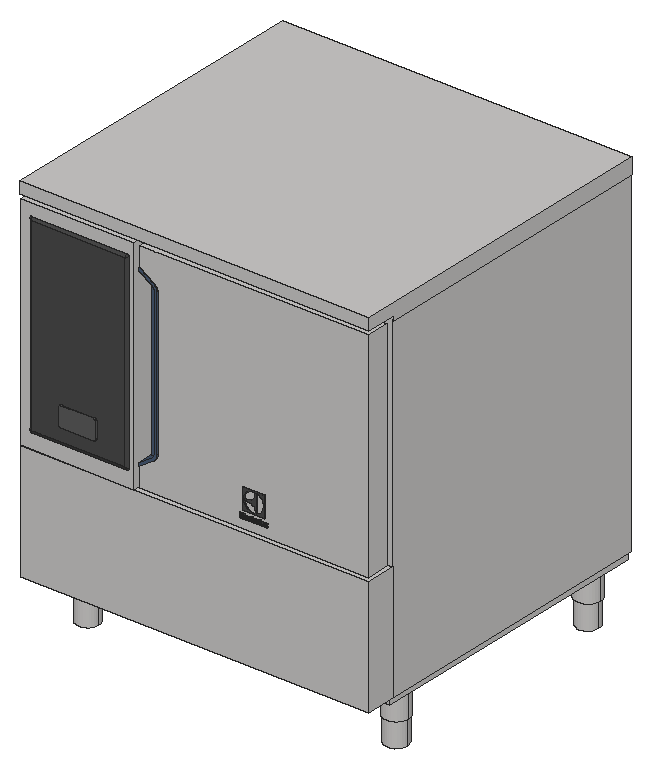
Revit family "QF_ELECTROLUXPROFESSIONAL_727730_EBFA61TE", category Specialty Equipment, Revit 2018 (continued)
Automatic sketch dimensions
  Split face 46 sketch curve to Split face 46 sketch curve = 110.015 mm
  Split face 46 sketch curve to Split face 46 sketch curve = 5.027 mm
  Split face 47 sketch curve to Extrusion 9 = 81.175 mm
  Split face 47 sketch curve to Extrusion 9 = 377.596 mm
  Split face 47 sketch curve to Split face 47 sketch curve = 110.015 mm
  Split face 47 sketch curve to Split face 47 sketch curve = 5.027 mm
  Split face 48 sketch curve to Extrusion 9 = 71.703 mm
  Split face 48 sketch curve to Extrusion 9 = 377.596 mm
  Split face 48 sketch curve to Split face 48 sketch curve = 110.015 mm
  Split face 48 sketch curve to Split face 48 sketch curve = 5.027 mm
  Split face 49 sketch curve to Extrusion 9 = 62.231 mm
  Split face 49 sketch curve to Extrusion 9 = 377.596 mm
  Split face 49 sketch curve to Split face 49 sketch curve = 110.015 mm
  Split face 49 sketch curve to Split face 49 sketch curve = 5.027 mm
  Split face 50 sketch curve to Extrusion 9 = 52.758 mm
  Split face 50 sketch curve to Extrusion 9 = 377.596 mm
  Split face 50 sketch curve to Extrusion 9 = 47.731 mm
  Split face 50 sketch curve to Split face 50 sketch curve = 110.015 mm
  Split face 51 sketch curve to Extrusion 9 = 43.286 mm
  Split face 51 sketch curve to Extrusion 9 = 377.596 mm
  Split face 51 sketch curve to Extrusion 9 = 38.259 mm
  Split face 51 sketch curve to Split face 51 sketch curve = 110.015 mm
  Split face 52 sketch curve to Extrusion 9 = 33.814 mm
  Split face 52 sketch curve to Extrusion 9 = 377.596 mm
  Split face 52 sketch curve to Extrusion 9 = 28.787 mm
  Split face 52 sketch curve to Split face 52 sketch curve = 110.015 mm
  Split face 53 sketch curve to Extrusion 9 = 31.361 mm
  Split face 53 sketch curve to Extrusion 9 = 262.581 mm
  Split face 53 sketch curve to Extrusion 9 = 36.388 mm
  Split face 53 sketch curve to Split face 53 sketch curve = 110.015 mm
  Split face 54 sketch curve to Extrusion 9 = 40.833 mm
  Split face 54 sketch curve to Extrusion 9 = 262.581 mm
  Split face 54 sketch curve to Extrusion 9 = 45.86 mm
  Split face 54 sketch curve to Split face 54 sketch curve = 110.015 mm
  Split face 55 sketch curve to Extrusion 9 = 50.305 mm
  Split face 55 sketch curve to Extrusion 9 = 262.581 mm
  Split face 55 sketch curve to Split face 55 sketch curve = 110.015 mm
  Split face 55 sketch curve to Split face 55 sketch curve = 5.027 mm
  Split face 56 sketch curve to Extrusion 9 = 59.777 mm
  Split face 56 sketch curve to Extrusion 9 = 262.581 mm
  Split face 56 sketch curve to Split face 56 sketch curve = 110.015 mm
  Split face 56 sketch curve to Split face 56 sketch curve = 5.027 mm
  Split face 57 sketch curve to Extrusion 9 = 69.25 mm
  Split face 57 sketch curve to Extrusion 9 = 262.581 mm
  Split face 57 sketch curve to Split face 57 sketch curve = 110.015 mm
  Split face 57 sketch curve to Split face 57 sketch curve = 5.027 mm
  Split face 58 sketch curve to Extrusion 9 = 78.722 mm
  Split face 58 sketch curve to Extrusion 9 = 262.581 mm
  Split face 58 sketch curve to Split face 58 sketch curve = 110.015 mm
  Split face 58 sketch curve to Split face 58 sketch curve = 5.027 mm
  Split face 59 sketch curve to Extrusion 9 = 88.194 mm
  Split face 59 sketch curve to Extrusion 9 = 262.581 mm
  Split face 59 sketch curve to Split face 59 sketch curve = 110.015 mm
  Split face 59 sketch curve to Split face 59 sketch curve = 5.027 mm
  Split face 60 sketch curve to Extrusion 9 = 97.666 mm
  Split face 60 sketch curve to Extrusion 9 = 262.581 mm
  Split face 60 sketch curve to Split face 60 sketch curve = 110.015 mm
  Split face 60 sketch curve to Split face 60 sketch curve = 5.027 mm
  Split face 61 sketch curve to Extrusion 9 = 107.138 mm
  Split face 61 sketch curve to Extrusion 9 = 262.581 mm
  Split face 61 sketch curve to Split face 61 sketch curve = 110.015 mm
  Split face 61 sketch curve to Split face 61 sketch curve = 5.027 mm
  Split face 62 sketch curve to Extrusion 9 = 116.611 mm
  Split face 62 sketch curve to Extrusion 9 = 262.581 mm
  Split face 62 sketch curve to Split face 62 sketch curve = 110.015 mm
  Split face 62 sketch curve to Split face 62 sketch curve = 5.027 mm
  Split face 63 sketch curve to Extrusion 9 = 126.083 mm
  Split face 63 sketch curve to Extrusion 9 = 262.581 mm
  Split face 63 sketch curve to Split face 63 sketch curve = 110.015 mm
  Split face 63 sketch curve to Split face 63 sketch curve = 5.027 mm
  Split face 64 sketch curve to Extrusion 9 = 262.581 mm
  Split face 64 sketch curve to Split face 64 sketch curve = 110.015 mm
  Split face 64 sketch curve to Extrusion 9 = 135.555 mm
  Split face 64 sketch curve to Split face 64 sketch curve = 5.027 mm
  Split face 65 sketch curve to Extrusion 9 = 262.581 mm
  Split face 65 sketch curve to Split face 65 sketch curve = 110.015 mm
  Split face 65 sketch curve to Extrusion 9 = 145.027 mm
  Split face 65 sketch curve to Split face 65 sketch curve = 5.027 mm
  Split face 66 sketch curve to Extrusion 9 = 262.581 mm
  Split face 66 sketch curve to Split face 66 sketch curve = 110.015 mm
  Split face 66 sketch curve to Extrusion 9 = 147.48 mm
  Split face 66 sketch curve to Split face 66 sketch curve = 5.027 mm
  Split face 67 sketch curve to Extrusion 9 = 262.581 mm
  Split face 67 sketch curve to Split face 67 sketch curve = 110.015 mm
  Split face 67 sketch curve to Extrusion 9 = 138.008 mm
  Split face 67 sketch curve to Split face 67 sketch curve = 5.027 mm
  Split face 68 sketch curve to Extrusion 9 = 128.536 mm
  Split face 68 sketch curve to Extrusion 9 = 262.581 mm
  Split face 68 sketch curve to Split face 68 sketch curve = 110.015 mm
  Split face 68 sketch curve to Split face 68 sketch curve = 5.027 mm
  Split face 69 sketch curve to Extrusion 9 = 119.064 mm
  Split face 69 sketch curve to Extrusion 9 = 262.581 mm
  Split face 69 sketch curve to Split face 69 sketch curve = 110.015 mm
  Split face 69 sketch curve to Split face 69 sketch curve = 5.027 mm
  Split face 70 sketch curve to Extrusion 9 = 109.592 mm
  Split face 70 sketch curve to Extrusion 9 = 262.581 mm
  Split face 70 sketch curve to Split face 70 sketch curve = 110.015 mm
  Split face 70 sketch curve to Split face 70 sketch curve = 5.027 mm
  Split face 71 sketch curve to Extrusion 9 = 100.119 mm
  Split face 71 sketch curve to Extrusion 9 = 262.581 mm
  Split face 71 sketch curve to Split face 71 sketch curve = 110.015 mm
  Split face 71 sketch curve to Split face 71 sketch curve = 5.027 mm
  Split face 72 sketch curve to Extrusion 9 = 90.647 mm
  Split face 72 sketch curve to Extrusion 9 = 262.581 mm
  Split face 72 sketch curve to Split face 72 sketch curve = 110.015 mm
  Split face 72 sketch curve to Split face 72 sketch curve = 5.027 mm
  Split face 73 sketch curve to Extrusion 9 = 81.175 mm
  Split face 73 sketch curve to Extrusion 9 = 262.581 mm
  Split face 73 sketch curve to Split face 73 sketch curve = 110.015 mm
  Split face 73 sketch curve to Split face 73 sketch curve = 5.027 mm
  Split face 74 sketch curve to Extrusion 9 = 71.703 mm
  Split face 74 sketch curve to Extrusion 9 = 262.581 mm
  Split face 74 sketch curve to Split face 74 sketch curve = 110.015 mm
  Split face 74 sketch curve to Split face 74 sketch curve = 5.027 mm
  Split face 75 sketch curve to Extrusion 9 = 62.231 mm
  Split face 75 sketch curve to Extrusion 9 = 262.581 mm
  Split face 75 sketch curve to Split face 75 sketch curve = 110.015 mm
  Split face 75 sketch curve to Split face 75 sketch curve = 5.027 mm
  Split face 76 sketch curve to Extrusion 9 = 52.758 mm
  Split face 76 sketch curve to Extrusion 9 = 262.581 mm
  Split face 76 sketch curve to Extrusion 9 = 47.731 mm
  Split face 76 sketch curve to Split face 76 sketch curve = 110.015 mm
  Split face 77 sketch curve to Extrusion 9 = 43.286 mm
  Split face 77 sketch curve to Extrusion 9 = 262.581 mm
  Split face 77 sketch curve to Extrusion 9 = 38.259 mm
  Split face 77 sketch curve to Split face 77 sketch curve = 110.015 mm
  Split face 78 sketch curve to Extrusion 9 = 33.814 mm
  Split face 78 sketch curve to Extrusion 9 = 262.581 mm
  Split face 78 sketch curve to Extrusion 9 = 28.787 mm
  Split face 78 sketch curve to Split face 78 sketch curve = 110.015 mm
  Split face 79 sketch curve to Extrusion 9 = 31.361 mm
  Split face 79 sketch curve to Extrusion 9 = 147.565 mm
  Split face 79 sketch curve to Extrusion 9 = 36.388 mm
  Split face 79 sketch curve to Split face 79 sketch curve = 110.015 mm
  Split face 80 sketch curve to Extrusion 9 = 40.833 mm
  Split face 80 sketch curve to Extrusion 9 = 147.565 mm
  Split face 80 sketch curve to Extrusion 9 = 45.86 mm
  Split face 80 sketch curve to Split face 80 sketch curve = 110.015 mm
  Split face 81 sketch curve to Extrusion 9 = 50.305 mm
  Split face 81 sketch curve to Extrusion 9 = 147.565 mm
  Split face 81 sketch curve to Split face 81 sketch curve = 110.015 mm
  Split face 81 sketch curve to Split face 81 sketch curve = 5.027 mm
  Split face 82 sketch curve to Extrusion 9 = 59.777 mm
  Split face 82 sketch curve to Extrusion 9 = 147.565 mm
  Split face 82 sketch curve to Split face 82 sketch curve = 110.015 mm
  Split face 82 sketch curve to Split face 82 sketch curve = 5.027 mm
  Split face 83 sketch curve to Extrusion 9 = 69.25 mm
  Split face 83 sketch curve to Extrusion 9 = 147.565 mm
  Split face 83 sketch curve to Split face 83 sketch curve = 110.015 mm
  Split face 83 sketch curve to Split face 83 sketch curve = 5.027 mm
  Split face 84 sketch curve to Extrusion 9 = 147.565 mm
  Split face 84 sketch curve to Split face 84 sketch curve = 110.015 mm
  Split face 84 sketch curve to Extrusion 9 = 78.722 mm
  Split face 84 sketch curve to Split face 84 sketch curve = 5.027 mm
  Split face 85 sketch curve to Extrusion 9 = 147.565 mm
  Split face 85 sketch curve to Split face 85 sketch curve = 110.015 mm
  Split face 85 sketch curve to Extrusion 9 = 88.194 mm
  Split face 85 sketch curve to Split face 85 sketch curve = 5.027 mm
  Split face 86 sketch curve to Extrusion 9 = 147.565 mm
  Split face 86 sketch curve to Split face 86 sketch curve = 110.015 mm
  Split face 86 sketch curve to Extrusion 9 = 97.666 mm
  Split face 86 sketch curve to Split face 86 sketch curve = 5.027 mm
  Split face 87 sketch curve to Extrusion 9 = 147.565 mm
  Split face 87 sketch curve to Split face 87 sketch curve = 110.015 mm
  Split face 87 sketch curve to Extrusion 9 = 107.138 mm
  Split face 87 sketch curve to Split face 87 sketch curve = 5.027 mm
  Split face 88 sketch curve to Extrusion 9 = 147.565 mm
  Split face 88 sketch curve to Split face 88 sketch curve = 110.015 mm
  Split face 88 sketch curve to Extrusion 9 = 116.611 mm
  Split face 88 sketch curve to Split face 88 sketch curve = 5.027 mm
  Split face 89 sketch curve to Extrusion 9 = 147.565 mm
  Split face 89 sketch curve to Split face 89 sketch curve = 110.015 mm
  Split face 89 sketch curve to Extrusion 9 = 126.083 mm
  Split face 89 sketch curve to Split face 89 sketch curve = 5.027 mm
  Split face 90 sketch curve to Extrusion 9 = 147.565 mm
  Split face 90 sketch curve to Split face 90 sketch curve = 110.015 mm
  Split face 90 sketch curve to Extrusion 9 = 135.555 mm
  Split face 90 sketch curve to Split face 90 sketch curve = 5.027 mm
  Split face 91 sketch curve to Extrusion 9 = 147.565 mm
  Split face 91 sketch curve to Split face 91 sketch curve = 110.015 mm
  Split face 91 sketch curve to Extrusion 9 = 145.027 mm
  Split face 91 sketch curve to Split face 91 sketch curve = 5.027 mm
  Split face 92 sketch curve to Extrusion 9 = 147.565 mm
  Split face 92 sketch curve to Split face 92 sketch curve = 110.015 mm
  Split face 92 sketch curve to Extrusion 9 = 147.48 mm
  Split face 92 sketch curve to Split face 92 sketch curve = 5.027 mm
  Split face 93 sketch curve to Extrusion 9 = 147.565 mm
  Split face 93 sketch curve to Split face 93 sketch curve = 110.015 mm
  Split face 93 sketch curve to Extrusion 9 = 138.008 mm
  Split face 93 sketch curve to Split face 93 sketch curve = 5.027 mm
  Split face 94 sketch curve to Extrusion 9 = 147.565 mm
  Split face 94 sketch curve to Split face 94 sketch curve = 110.015 mm
  Split face 94 sketch curve to Extrusion 9 = 128.536 mm
  Split face 94 sketch curve to Split face 94 sketch curve = 5.027 mm
  Split face 95 sketch curve to Extrusion 9 = 147.565 mm
  Split face 95 sketch curve to Split face 95 sketch curve = 110.015 mm
  Split face 95 sketch curve to Extrusion 9 = 119.064 mm
  Split face 95 sketch curve to Split face 95 sketch curve = 5.027 mm
  Split face 96 sketch curve to Extrusion 9 = 147.565 mm
  Split face 96 sketch curve to Split face 96 sketch curve = 110.015 mm
  Split face 96 sketch curve to Extrusion 9 = 109.592 mm
  Split face 96 sketch curve to Split face 96 sketch curve = 5.027 mm
  Split face 97 sketch curve to Extrusion 9 = 147.565 mm
  Split face 97 sketch curve to Split face 97 sketch curve = 110.015 mm
  Split face 97 sketch curve to Extrusion 9 = 100.119 mm
  Split face 97 sketch curve to Split face 97 sketch curve = 5.027 mm
  Split face 98 sketch curve to Extrusion 9 = 147.565 mm
  Split face 98 sketch curve to Split face 98 sketch curve = 110.015 mm
  Split face 98 sketch curve to Extrusion 9 = 90.647 mm
  Split face 98 sketch curve to Split face 98 sketch curve = 5.027 mm
  Split face 99 sketch curve to Extrusion 9 = 147.565 mm
  Split face 99 sketch curve to Split face 99 sketch curve = 110.015 mm
  Split face 99 sketch curve to Extrusion 9 = 81.175 mm
  Split face 99 sketch curve to Split face 99 sketch curve = 5.027 mm
  Split face 100 sketch curve to Extrusion 9 = 71.703 mm
  Split face 100 sketch curve to Extrusion 9 = 147.565 mm
  Split face 100 sketch curve to Split face 100 sketch curve = 110.015 mm
  Split face 100 sketch curve to Split face 100 sketch curve = 5.027 mm
  Split face 101 sketch curve to Extrusion 9 = 62.231 mm
  Split face 101 sketch curve to Extrusion 9 = 147.565 mm
  Split face 101 sketch curve to Split face 101 sketch curve = 110.015 mm
  Split face 101 sketch curve to Split face 101 sketch curve = 5.027 mm
  Split face 102 sketch curve to Extrusion 9 = 52.758 mm
  Split face 102 sketch curve to Extrusion 9 = 147.565 mm
  Split face 102 sketch curve to Extrusion 9 = 47.731 mm
  Split face 102 sketch curve to Split face 102 sketch curve = 110.015 mm
  Split face 103 sketch curve to Extrusion 9 = 43.286 mm
  Split face 103 sketch curve to Extrusion 9 = 147.565 mm
  Split face 103 sketch curve to Extrusion 9 = 38.259 mm
  Split face 103 sketch curve to Split face 103 sketch curve = 110.015 mm
  Split face 104 sketch curve to Extrusion 9 = 33.814 mm
  Split face 104 sketch curve to Extrusion 9 = 147.565 mm
  Split face 104 sketch curve to Extrusion 9 = 28.787 mm
  Split face 104 sketch curve to Split face 104 sketch curve = 110.015 mm
  Split face 105 sketch curve to Extrusion 9 = 32.55 mm
  Split face 105 sketch curve to Extrusion 9 = 36.388 mm
  Split face 105 sketch curve to Split face 105 sketch curve = 110.015 mm
  Split face 105 sketch curve to Split face 105 sketch curve = 5.027 mm
  Split face 106 sketch curve to Extrusion 9 = 32.55 mm
  Split face 106 sketch curve to Extrusion 9 = 45.86 mm
  Split face 106 sketch curve to Split face 106 sketch curve = 110.015 mm
  Split face 106 sketch curve to Split face 106 sketch curve = 5.027 mm
  Split face 107 sketch curve to Extrusion 9 = 32.55 mm
  Split face 107 sketch curve to Split face 107 sketch curve = 110.015 mm
  Split face 107 sketch curve to Extrusion 9 = 50.305 mm
  Split face 107 sketch curve to Split face 107 sketch curve = 5.027 mm
  Split face 108 sketch curve to Extrusion 9 = 32.55 mm
  Split face 108 sketch curve to Split face 108 sketch curve = 110.015 mm
  Split face 108 sketch curve to Extrusion 9 = 59.777 mm
  Split face 108 sketch curve to Split face 108 sketch curve = 5.027 mm
  Split face 109 sketch curve to Extrusion 9 = 32.55 mm
  Split face 109 sketch curve to Split face 109 sketch curve = 110.015 mm
  Split face 109 sketch curve to Extrusion 9 = 69.25 mm
  Split face 109 sketch curve to Split face 109 sketch curve = 5.027 mm
  Split face 110 sketch curve to Extrusion 9 = 32.55 mm
  Split face 110 sketch curve to Split face 110 sketch curve = 110.015 mm
  Split face 110 sketch curve to Extrusion 9 = 78.722 mm
  Split face 110 sketch curve to Split face 110 sketch curve = 5.027 mm
  Split face 111 sketch curve to Extrusion 9 = 32.55 mm
  Split face 111 sketch curve to Split face 111 sketch curve = 110.015 mm
  Split face 111 sketch curve to Extrusion 9 = 88.194 mm
  Split face 111 sketch curve to Split face 111 sketch curve = 5.027 mm
  Split face 112 sketch curve to Extrusion 9 = 32.55 mm
  Split face 112 sketch curve to Split face 112 sketch curve = 110.015 mm
  Split face 112 sketch curve to Extrusion 9 = 97.666 mm
  Split face 112 sketch curve to Split face 112 sketch curve = 5.027 mm
  Split face 113 sketch curve to Extrusion 9 = 32.55 mm
  Split face 113 sketch curve to Split face 113 sketch curve = 110.015 mm
  Split face 113 sketch curve to Extrusion 9 = 107.138 mm
  Split face 113 sketch curve to Split face 113 sketch curve = 5.027 mm
  Split face 114 sketch curve to Extrusion 9 = 32.55 mm
  Split face 114 sketch curve to Split face 114 sketch curve = 110.015 mm
  Split face 114 sketch curve to Extrusion 9 = 116.611 mm
  Split face 114 sketch curve to Split face 114 sketch curve = 5.027 mm
  Split face 115 sketch curve to Extrusion 9 = 32.55 mm
  Split face 115 sketch curve to Split face 115 sketch curve = 110.015 mm
  Split face 115 sketch curve to Extrusion 9 = 126.083 mm
  Split face 115 sketch curve to Split face 115 sketch curve = 5.027 mm
  Split face 116 sketch curve to Extrusion 9 = 32.55 mm
  Split face 116 sketch curve to Split face 116 sketch curve = 110.015 mm
  Split face 116 sketch curve to Extrusion 9 = 135.555 mm
  Split face 116 sketch curve to Split face 116 sketch curve = 5.027 mm
  Split face 117 sketch curve to Extrusion 9 = 32.55 mm
  Split face 117 sketch curve to Split face 117 sketch curve = 110.015 mm
  Split face 117 sketch curve to Extrusion 9 = 145.027 mm
  Split face 117 sketch curve to Split face 117 sketch curve = 5.027 mm
  Split face 118 sketch curve to Extrusion 9 = 32.55 mm
  Split face 118 sketch curve to Split face 118 sketch curve = 110.015 mm
  Split face 118 sketch curve to Extrusion 9 = 147.48 mm
  Split face 118 sketch curve to Split face 118 sketch curve = 5.027 mm
  Split face 119 sketch curve to Extrusion 9 = 32.55 mm
  Split face 119 sketch curve to Split face 119 sketch curve = 110.015 mm
  Split face 119 sketch curve to Extrusion 9 = 138.008 mm
  Split face 119 sketch curve to Split face 119 sketch curve = 5.027 mm
  Split face 120 sketch curve to Extrusion 9 = 32.55 mm
  Split face 120 sketch curve to Split face 120 sketch curve = 110.015 mm
  Split face 120 sketch curve to Extrusion 9 = 128.536 mm
  Split face 120 sketch curve to Split face 120 sketch curve = 5.027 mm
  Split face 121 sketch curve to Extrusion 9 = 32.55 mm
  Split face 121 sketch curve to Split face 121 sketch curve = 110.015 mm
  Split face 121 sketch curve to Extrusion 9 = 119.064 mm
  Split face 121 sketch curve to Split face 121 sketch curve = 5.027 mm
  Split face 122 sketch curve to Extrusion 9 = 32.55 mm
  Split face 122 sketch curve to Split face 122 sketch curve = 110.015 mm
  Split face 122 sketch curve to Extrusion 9 = 109.592 mm
  Split face 122 sketch curve to Split face 122 sketch curve = 5.027 mm
  Split face 123 sketch curve to Extrusion 9 = 32.55 mm
  Split face 123 sketch curve to Split face 123 sketch curve = 110.015 mm
  Split face 123 sketch curve to Extrusion 9 = 100.119 mm
  Split face 123 sketch curve to Split face 123 sketch curve = 5.027 mm
  Split face 124 sketch curve to Extrusion 9 = 32.55 mm
  Split face 124 sketch curve to Split face 124 sketch curve = 110.015 mm
  Split face 124 sketch curve to Extrusion 9 = 90.647 mm
  Split face 124 sketch curve to Split face 124 sketch curve = 5.027 mm
  Split face 125 sketch curve to Extrusion 9 = 32.55 mm
  Split face 125 sketch curve to Split face 125 sketch curve = 110.015 mm
  Split face 125 sketch curve to Extrusion 9 = 81.175 mm
  Split face 125 sketch curve to Split face 125 sketch curve = 5.027 mm
  Split face 126 sketch curve to Extrusion 9 = 32.55 mm
  Split face 126 sketch curve to Split face 126 sketch curve = 110.015 mm
  Split face 126 sketch curve to Extrusion 9 = 71.703 mm
  Split face 126 sketch curve to Split face 126 sketch curve = 5.027 mm
  Split face 127 sketch curve to Extrusion 9 = 32.55 mm
  Split face 127 sketch curve to Split face 127 sketch curve = 110.015 mm
  Split face 127 sketch curve to Extrusion 9 = 62.231 mm
  Split face 127 sketch curve to Split face 127 sketch curve = 5.027 mm
  Split face 128 sketch curve to Extrusion 9 = 32.55 mm
  Split face 128 sketch curve to Extrusion 9 = 47.731 mm
  Split face 128 sketch curve to Split face 128 sketch curve = 110.015 mm
  Split face 128 sketch curve to Split face 128 sketch curve = 5.027 mm
  Split face 129 sketch curve to Extrusion 9 = 32.55 mm
  Split face 129 sketch curve to Extrusion 9 = 38.259 mm
  Split face 129 sketch curve to Split face 129 sketch curve = 110.015 mm
  Split face 129 sketch curve to Split face 129 sketch curve = 5.027 mm
  Split face 130 sketch curve to Extrusion 9 = 32.55 mm
  Split face 130 sketch curve to Extrusion 9 = 28.787 mm
  Split face 130 sketch curve to Split face 130 sketch curve = 110.015 mm
  Split face 130 sketch curve to Split face 130 sketch curve = 5.027 mm
  Extrusion 13 sketch curve to plane 5 "BACK" = 0 mm  (x2)
  Extrusion 13 sketch curve to plane 15 = 0 mm  (x2)
  Extrusion 13 sketch curve to plane 3 "Center Y" = 141.58 mm
  Extrusion 13 sketch curve to Extrusion 13 sketch curve = 1.631 mm  (x2)
  Extrusion 13 sketch curve to Extrusion 13 sketch curve = 9.723 mm
  plane 10 to Extrusion 13 sketch curve = 80.967 mm
  plane 10 to Extrusion 13 sketch curve = 72.875 mm
  Extrusion 14 sketch curve to plane 14 = 0.005 mm
  plane 7 "FRONT" to Extrusion 14 sketch curve = 0 mm
  plane 16 to Extrusion 14 sketch curve = 47.24 mm
  Extrusion 14 sketch curve to Extrusion 14 sketch curve = 8.487 mm
  Extrusion 14 sketch curve to Extrusion 14 sketch curve = 8.95 mm
  Extrusion 14 sketch curve to Extrusion 14 sketch curve = 10.513 mm
  Extrusion 14 sketch curve to Extrusion 14 sketch curve = 20 mm
  Extrusion 14 sketch curve to Extrusion 14 sketch curve = 35.79 mm
  Extrusion 14 sketch curve to Extrusion 14 sketch curve = 36.253 mm
  Extrusion 14 sketch curve to Extrusion 14 sketch curve = 51.135 mm
  Extrusion 14 sketch curve to Extrusion 14 sketch curve = 24.082 mm
  Extrusion 14 sketch curve to Extrusion 14 sketch curve = 374.913 mm
  Extrusion 14 sketch curve to Extrusion 14 sketch curve = 23.723 mm
  plane 8 to Extrusion 14 sketch curve = 332.497 mm
  Extrusion 15 sketch curve to Extrusion 14 = 0 mm  (x6)
  Extrusion 14 to Extrusion 15 sketch curve = 0 mm  (x2)
  Extrusion 14 to Extrusion 15 sketch curve = 8.487 mm
  Extrusion 14 to Extrusion 15 sketch curve = 8.95 mm
  Extrusion 15 sketch curve to Extrusion 15 sketch curve = 11.05 mm
  Extrusion 16 sketch curve to Extrusion 16 sketch curve = 0 mm  (x2)
  Extrusion 16 sketch curve to Extrusion 14 = 0 mm  (x5)
  Extrusion 14 to Extrusion 16 sketch curve = 2.5 mm  (x2)
  Extrusion 16 sketch curve to Extrusion 16 sketch curve = 13.5 mm
  Extrusion 14 to Extrusion 16 sketch curve = 12.541 mm
  Extrusion 16 sketch curve to Extrusion 16 sketch curve = 5.583 mm
  Extrusion 16 sketch curve to Extrusion 16 sketch curve = 3.591 mm
  Extrusion 16 sketch curve to Extrusion 16 sketch curve = 3.597 mm
  Extrusion 16 sketch curve to Extrusion 16 sketch curve = 6.141 mm
  Extrusion 16 sketch curve to Extrusion 16 sketch curve = 6.143 mm
  Extrusion 17 sketch curve to plane 7 "FRONT" = 0 mm
  plane 16 to Extrusion 17 sketch curve = 2.5 mm
  Extrusion 17 sketch curve to plane 12 = 2 mm
  Extrusion 17 sketch curve to plane 6 "RIGHT" = 21.029 mm
  plane 7 "FRONT" to Extrusion 17 sketch curve = 16.966 mm
  curve 15 to plane 7 "FRONT" = 0 mm
  curve 3 to plane 6 "RIGHT" = 0 mm
  curve 17 to plane 7 "FRONT" = 0 mm
  curve 10 to plane 5 "BACK" = 0 mm
  curve 10 to plane 15 = 0 mm
  curve 2 to plane 4 "LEFT" = 0 mm
  plane 16 to curve 15 = 2.5 mm
  plane 6 "RIGHT" to curve 15 = 6 mm
  curve 14 to plane 6 "RIGHT" = 21.029 mm
  curve 16 to plane 12 = 2 mm
  curve 10 to plane 3 "Center Y" = 151.303 mm
  curve 6 to plane 7 "FRONT" = 5 mm
  curve 6 to plane 3 "Center Y" = 176 mm
  plane 10 to curve 8 = 80.967 mm
  plane 10 to curve 12 = 22.5 mm
  plane 10 to curve 13 = 1.5 mm
  curve 5 to plane 10 = 17.5 mm
  curve 13 to curve 13 = 29 mm
  plane 7 "FRONT" to curve 14 = 16.966 mm
  curve 10 to curve 9 = 8.092 mm
  curve 6 to curve 5 = 8 mm
  curve 8 to curve 12 = 50.375 mm
  curve 5 to curve 7 = 8 mm
  radius of Extrusion 5 sketch curve = 10.5 mm
  radius of Extrusion 6 sketch curve to Extrusion 2 = 0 mm
  radius of Extrusion 7 sketch curve to Extrusion 2 = 0 mm
  radius of Extrusion 7 sketch curve to Extrusion 2 = 6.5 mm
  radius of Extrusion 12 sketch curve = 9.5 mm
  radius of Extrusion 15 sketch curve to Extrusion 14 = 0 mm
  radius of Extrusion 16 sketch curve to Extrusion 14 = 0 mm
  radius of Extrusion 16 sketch curve to Extrusion 14 = 6.5 mm
Nested families
  nested 1: "Foot_Complete" at (-708, -142.149, 0), type "Foot_Complete"
    with H 130 mm
  nested 2: "Foot_Complete" at (85, -142.149, 0), type "Foot_Complete"
    with H 130 mm
  nested 3: "Foot_Complete" at (85, 473.851, 0), type "Foot_Complete"
    with H 130 mm
  nested 4: "Foot_Complete" at (-708, 473.851, 0), type "Foot_Complete"
    with H 130 mm
  nested 5: "ELX_Logo_S_New" at (-157.603, -295.149, 492.497) x (1, 0, 0) z (0, -1, 0), visible <- "Show Logo", type "ELX_Logo_S_New"
    with M QF_Finishes_Black
  nested 6: "ELX_Logo_Symbol" at (-157.603, -295.149, 532.497) x (-1, 0, 0) z (0, -1, 0), visible <- "Show Logo", type "ELX_Logo_Symbol"
    with M QF_Finishes_Black
  nested 7: "ELX_Touch" at (-606.5, -295.149, 741.265) x (1, 0, 0) z (0, -1, 0), type "ELX_Touch"
Connectors
  electrical at (-696, 577.851, 258), driven by "Volts"
    settings: on Extrusion 5, index 5, voltage 380 V, apparent load 0 VA, apparent load phase1 0 VA, apparent load phase2 0 VA, apparent load phase3 0 VA, power factor 1, load classification "Altro", number of poles 1, system type 30, power factor state 1, is connector primary yes, connector utility no, sub classification motor no, connector description "Electrical Connection"
  piping at (-360, 215.851, 98.32), diameter 19
    settings: on cut or joined group of Extrusion 1, Extrusion 3, Extrusion 4, Extrusion 5, Extrusion 10, Extrusion 11, Extrusion 12, Extrusion 13, index 6, connector inside diameter 609.6 mm, connector length 0 mm, flow factor 0, pipe flow 0.0 L/s, pressure drop 0.0 Pa, fitting loss kfactor 0, connector angle 0.00°, fixture units 0, engagement length 0 mm, angle of deflection 0.00°, flow configuration 1, flow direction 2, fitting loss method 0, system type 16, joint type 0, gender type 0, connector reference index -1, connector utility 0, adjustable connector no, is connector primary yes, connector description "Drain"
Definition of nested family "Foot_Complete"
  Parameters
    R = 32 mm
    H = 150 mm
  Reference planes
    plane 1 "Centro (Fronte/Retro)": y = 0
    plane 2: z = 0
    plane 3 "Centro (Sinistra/Destra)": x = 0
    plane 4: z = 150
  Forms (mm)
    Revolve 1, solid
      sketch origin (255.05, 0, 608.09) x (0, 0, 1) y (-1, 0, 0)
        loop
          line (-608.09, 255.05) -> (-608.09, 226.55) -> (-544.09, 226.55) -> (-544.09, 223.05) -> (-458.09, 223.05) -> (-458.09, 255.05) -> (-608.09, 255.05)
        axis (-608.09, 255.05) -> (-458.09, 255.05)
      angle from 0 to 360
  Dimensions and locks
    locked: level to Revolve 1 sketch curve at 64
    "R": Revolve 1 sketch curve to plane 3 "Centro (Sinistra/Destra)"
    "H": plane 4 to level
    aligned and locked: level to plane 2
    aligned and locked: plane 4 to Revolve 1 sketch curve
    aligned and locked: Revolve 1 sketch curve to level
    aligned and locked: plane 3 "Centro (Sinistra/Destra)" to Revolve 1 sketch curve
  Automatic sketch dimensions
    Revolve 1 sketch curve to plane 3 "Centro (Sinistra/Destra)" = 0 mm
    plane 3 "Centro (Sinistra/Destra)" to Revolve 1 sketch curve = 28.5 mm
    Revolve 1 sketch curve to Revolve 1 sketch curve = 50 mm
    Revolve 1 sketch curve to Revolve 1 sketch curve = 20 mm
Definition of nested family "ELX_Logo_S_New"
  Parameters
    Default Elevation = 0 mm
    M [instance] = none
  Reference planes
    plane 1 "Centro (Fronte/Retro)": y = 0
    plane 2: z = 0
    plane 3 "Centro (Sinistra/Destra)": x = 0
  Forms (mm)
    Extrusion 1, solid
      sketch origin (0, 0, 0) x (1, 0, 0) y (0, 1, 0)
        loop
          line (-1219.2, 1219.2) -> (-1219.2, -1219.2) -> (1219.2, -1219.2) -> (1219.2, 1219.2) -> (-1219.2, 1219.2)
      from 0 to -304.8
    Extrusion 2, solid, material <- "M"
      sketch origin (0, 0, 0) x (1, 0, 0) y (0, 1, 0)
        loop
          spline (-32.537, -4.135) -> (-32.702, -4.128) -> (-32.877, -4.105) -> (-33.059, -4.064) -> (-33.242, -4.002) -> (-33.422, -3.916) -> (-33.593, -3.803) -> (-33.751, -3.66) -> (-33.891, -3.486) -> (-34.008, -3.276) -> (-34.098, -3.029) -> (-34.155, -2.741) -> (-34.176, -2.41)
          line (-34.176, -2.41) -> (-34.176, -0.943) -> (-29.331, -0.943) -> (-29.331, 0.928) -> (-34.176, 0.928) -> (-34.176, 3.652) -> (-29.023, 3.652) -> (-29.023, 5.518) -> (-36.159, 5.518) -> (-36.159, -2.326)
          spline (-36.159, -2.326) -> (-36.142, -2.808) -> (-36.088, -3.263) -> (-35.996, -3.688) -> (-35.867, -4.083) -> (-35.698, -4.445) -> (-35.489, -4.773) -> (-35.239, -5.066) -> (-34.946, -5.322) -> (-34.61, -5.539) -> (-34.23, -5.716) -> (-33.804, -5.851) -> (-33.332, -5.943)
          line (-33.332, -5.943) -> (-32.554, -5.999) -> (-28.885, -5.999) -> (-28.885, -4.135) -> (-32.537, -4.135)
        loop
          line (-27.476, 0.076) -> (-27.476, -6.002) -> (-25.492, -6.002) -> (-25.492, 5.521) -> (-27.476, 5.521) -> (-27.476, 0.076)
        loop
          spline (-15.702, -2.321) -> (-15.689, -1.697) -> (-15.749, -1.094) -> (-15.879, -0.516) -> (-16.078, 0.029) -> (-16.341, 0.538) -> (-16.668, 1.004) -> (-17.055, 1.422) -> (-17.5, 1.786) -> (-17.999, 2.091) -> (-18.552, 2.331) -> (-19.154, 2.5) -> (-19.804, 2.594)
          spline (-19.804, 2.594) -> (-20.422, 2.558) -> (-21.009, 2.453) -> (-21.56, 2.28) -> (-22.072, 2.042) -> (-22.54, 1.743) -> (-22.96, 1.385) -> (-23.327, 0.97) -> (-23.638, 0.502) -> (-23.887, -0.018) -> (-24.07, -0.586) -> (-24.183, -1.2) -> (-24.222, -1.857)
          spline (-24.222, -1.857) -> (-24.184, -2.498) -> (-24.074, -3.097) -> (-23.895, -3.652) -> (-23.651, -4.16) -> (-23.344, -4.618) -> (-22.979, -5.023) -> (-22.559, -5.374) -> (-22.087, -5.667) -> (-21.567, -5.899) -> (-21.003, -6.068) -> (-20.397, -6.172) -> (-19.754, -6.207)
          spline (-19.754, -6.207) -> (-19.44, -6.2) -> (-19.13, -6.176) -> (-18.823, -6.135) -> (-18.52, -6.074) -> (-18.221, -5.993) -> (-17.925, -5.89) -> (-17.634, -5.762) -> (-17.346, -5.609) -> (-17.062, -5.43) -> (-16.782, -5.221) -> (-16.506, -4.983) -> (-16.234, -4.713)
          line (-16.234, -4.713) -> (-17.429, -3.55)
          spline (-17.429, -3.55) -> (-17.587, -3.702) -> (-17.745, -3.841) -> (-17.906, -3.967) -> (-18.07, -4.08) -> (-18.239, -4.181) -> (-18.415, -4.268) -> (-18.599, -4.343) -> (-18.792, -4.404) -> (-18.996, -4.452) -> (-19.213, -4.486) -> (-19.443, -4.506) -> (-19.688, -4.513)
          spline (-19.688, -4.513) -> (-20.047, -4.496) -> (-20.383, -4.443) -> (-20.696, -4.358) -> (-20.984, -4.24) -> (-21.246, -4.092) -> (-21.479, -3.915) -> (-21.683, -3.711) -> (-21.856, -3.48) -> (-21.997, -3.224) -> (-22.104, -2.945) -> (-22.176, -2.643) -> (-22.212, -2.321)
          line (-22.212, -2.321) -> (-15.702, -2.321)
        loop
          spline (-17.695, -0.926) -> (-17.714, -0.681) -> (-17.771, -0.445) -> (-17.861, -0.221) -> (-17.984, -0.01) -> (-18.135, 0.184) -> (-18.314, 0.36) -> (-18.516, 0.516) -> (-18.741, 0.648) -> (-18.984, 0.755) -> (-19.244, 0.834) -> (-19.518, 0.883) -> (-19.804, 0.9)
          spline (-19.804, 0.9) -> (-20.11, 0.884) -> (-20.405, 0.835) -> (-20.686, 0.757) -> (-20.95, 0.652) -> (-21.195, 0.521) -> (-21.419, 0.367) -> (-21.618, 0.192) -> (-21.79, -0.003) -> (-21.934, -0.214) -> (-22.045, -0.439) -> (-22.122, -0.678) -> (-22.162, -0.926)
          line (-22.162, -0.926) -> (-17.695, -0.926)
        loop
          spline (-12.669, -1.807) -> (-12.646, -1.438) -> (-12.58, -1.088) -> (-12.472, -0.759) -> (-12.326, -0.455) -> (-12.145, -0.177) -> (-11.93, 0.072) -> (-11.685, 0.289) -> (-11.412, 0.473) -> (-11.114, 0.62) -> (-10.793, 0.728) -> (-10.453, 0.794) -> (-10.095, 0.817)
          spline (-10.095, 0.817) -> (-9.876, 0.81) -> (-9.665, 0.79) -> (-9.464, 0.756) -> (-9.271, 0.709) -> (-9.086, 0.65) -> (-8.908, 0.578) -> (-8.737, 0.495) -> (-8.572, 0.399) -> (-8.414, 0.292) -> (-8.261, 0.173) -> (-8.113, 0.044) -> (-7.969, -0.096)
          line (-7.969, -0.096) -> (-6.741, 1.183)
          spline (-6.741, 1.183) -> (-6.985, 1.427) -> (-7.237, 1.647) -> (-7.496, 1.843) -> (-7.762, 2.015) -> (-8.034, 2.164) -> (-8.312, 2.291) -> (-8.596, 2.397) -> (-8.886, 2.482) -> (-9.181, 2.546) -> (-9.481, 2.592) -> (-9.786, 2.619) -> (-10.095, 2.627)
          spline (-10.095, 2.627) -> (-10.715, 2.589) -> (-11.308, 2.476) -> (-11.871, 2.294) -> (-12.396, 2.046) -> (-12.88, 1.736) -> (-13.316, 1.369) -> (-13.7, 0.949) -> (-14.026, 0.48) -> (-14.289, -0.035) -> (-14.483, -0.59) -> (-14.604, -1.182) -> (-14.645, -1.807)
          spline (-14.645, -1.807) -> (-14.604, -2.431) -> (-14.483, -3.023) -> (-14.289, -3.578) -> (-14.026, -4.093) -> (-13.7, -4.562) -> (-13.316, -4.983) -> (-12.88, -5.35) -> (-12.396, -5.659) -> (-11.871, -5.907) -> (-11.308, -6.09) -> (-10.715, -6.202) -> (-10.095, -6.24)
          spline (-10.095, -6.24) -> (-9.786, -6.232) -> (-9.481, -6.205) -> (-9.181, -6.16) -> (-8.886, -6.095) -> (-8.596, -6.01) -> (-8.312, -5.904) -> (-8.034, -5.777) -> (-7.762, -5.628) -> (-7.496, -5.456) -> (-7.237, -5.26) -> (-6.985, -5.04) -> (-6.741, -4.796)
          line (-6.741, -4.796) -> (-7.969, -3.517)
          spline (-7.969, -3.517) -> (-8.113, -3.657) -> (-8.261, -3.786) -> (-8.414, -3.905) -> (-8.572, -4.012) -> (-8.737, -4.108) -> (-8.908, -4.192) -> (-9.086, -4.263) -> (-9.271, -4.323) -> (-9.464, -4.369) -> (-9.665, -4.403) -> (-9.876, -4.423) -> (-10.095, -4.43)
          spline (-10.095, -4.43) -> (-10.453, -4.408) -> (-10.793, -4.341) -> (-11.114, -4.233) -> (-11.412, -4.086) -> (-11.685, -3.902) -> (-11.93, -3.685) -> (-12.145, -3.436) -> (-12.326, -3.158) -> (-12.472, -2.854) -> (-12.58, -2.526) -> (-12.646, -2.176) -> (-12.669, -1.807)
        loop
          spline (-1.683, -4.138) -> (-1.858, -4.14) -> (-2.045, -4.127) -> (-2.24, -4.095) -> (-2.438, -4.04) -> (-2.633, -3.959) -> (-2.822, -3.85) -> (-2.998, -3.709) -> (-3.157, -3.533) -> (-3.294, -3.318) -> (-3.404, -3.061) -> (-3.483, -2.76) -> (-3.524, -2.411)
          line (-3.524, -2.411) -> (-3.524, 0.529) -> (-1.72, 0.529) -> (-1.72, 2.331) -> (-3.522, 2.331) -> (-3.522, 5.521) -> (-5.506, 5.521) -> (-5.506, -2.523)
          spline (-5.506, -2.523) -> (-5.463, -2.99) -> (-5.386, -3.429) -> (-5.274, -3.839) -> (-5.126, -4.218) -> (-4.941, -4.564) -> (-4.717, -4.877) -> (-4.455, -5.155) -> (-4.153, -5.396) -> (-3.81, -5.599) -> (-3.425, -5.762) -> (-2.998, -5.884) -> (-2.528, -5.964)
          line (-2.528, -5.964) -> (-1.69, -6.002) -> (-1.683, -4.138)
        loop
          spline (4.991, 2.446) -> (4.648, 2.468) -> (4.318, 2.461) -> (4.001, 2.429) -> (3.699, 2.371) -> (3.413, 2.288) -> (3.142, 2.182) -> (2.89, 2.052) -> (2.655, 1.901) -> (2.439, 1.728) -> (2.244, 1.535) -> (2.069, 1.322) -> (1.917, 1.091)
          line (1.917, 1.091) -> (1.917, 2.33) -> (-0.051, 2.33) -> (-0.051, -6.002) -> (1.917, -6.002) -> (1.917, -1.621)
          spline (1.917, -1.621) -> (1.935, -1.288) -> (1.988, -0.979) -> (2.075, -0.693) -> (2.195, -0.432) -> (2.345, -0.197) -> (2.526, 0.01) -> (2.736, 0.189) -> (2.972, 0.338) -> (3.235, 0.456) -> (3.522, 0.541) -> (3.832, 0.594) -> (4.165, 0.611)
          line (4.165, 0.611) -> (4.991, 0.529) -> (4.991, 2.446)
        loop
          spline (14.388, -1.836) -> (14.347, -1.224) -> (14.226, -0.642) -> (14.031, -0.093) -> (13.768, 0.418) -> (13.441, 0.887) -> (13.057, 1.308) -> (12.621, 1.677) -> (12.137, 1.989) -> (11.612, 2.24) -> (11.051, 2.425) -> (10.459, 2.539) -> (9.842, 2.578)
          spline (9.842, 2.578) -> (9.221, 2.539) -> (8.627, 2.425) -> (8.064, 2.24) -> (7.539, 1.989) -> (7.056, 1.677) -> (6.62, 1.308) -> (6.237, 0.887) -> (5.912, 0.418) -> (5.65, -0.093) -> (5.456, -0.642) -> (5.336, -1.224) -> (5.295, -1.836)
          spline (5.295, -1.836) -> (5.336, -2.447) -> (5.456, -3.029) -> (5.65, -3.578) -> (5.912, -4.089) -> (6.237, -4.558) -> (6.62, -4.979) -> (7.056, -5.348) -> (7.539, -5.66) -> (8.064, -5.911) -> (8.627, -6.096) -> (9.221, -6.211) -> (9.842, -6.25)
          spline (9.842, -6.25) -> (10.459, -6.211) -> (11.051, -6.096) -> (11.612, -5.911) -> (12.137, -5.66) -> (12.621, -5.348) -> (13.057, -4.979) -> (13.441, -4.558) -> (13.768, -4.089) -> (14.031, -3.578) -> (14.226, -3.029) -> (14.347, -2.447) -> (14.388, -1.836)
        loop
          spline (12.42, -1.836) -> (12.397, -1.475) -> (12.33, -1.131) -> (12.222, -0.807) -> (12.075, -0.504) -> (11.893, -0.227) -> (11.677, 0.022) -> (11.431, 0.241) -> (11.157, 0.426) -> (10.859, 0.575) -> (10.538, 0.685) -> (10.198, 0.753) -> (9.842, 0.777)
          spline (9.842, 0.777) -> (9.482, 0.753) -> (9.14, 0.685) -> (8.818, 0.575) -> (8.519, 0.426) -> (8.246, 0.241) -> (8.001, 0.022) -> (7.786, -0.227) -> (7.605, -0.504) -> (7.459, -0.807) -> (7.352, -1.131) -> (7.286, -1.475) -> (7.263, -1.836)
          spline (7.263, -1.836) -> (7.286, -2.196) -> (7.352, -2.54) -> (7.459, -2.865) -> (7.605, -3.167) -> (7.786, -3.444) -> (8.001, -3.694) -> (8.246, -3.912) -> (8.519, -4.098) -> (8.818, -4.247) -> (9.14, -4.357) -> (9.482, -4.425) -> (9.842, -4.448)
          spline (9.842, -4.448) -> (10.198, -4.425) -> (10.538, -4.357) -> (10.859, -4.247) -> (11.157, -4.098) -> (11.431, -3.912) -> (11.677, -3.694) -> (11.893, -3.444) -> (12.075, -3.167) -> (12.222, -2.865) -> (12.33, -2.54) -> (12.397, -2.196) -> (12.42, -1.836)
        loop
          line (15.608, 0.275) -> (15.608, -6.002) -> (17.593, -6.002) -> (17.593, 5.521) -> (15.608, 5.521) -> (15.608, 0.275)
        loop
          line (24.747, 2.33) -> (24.747, -2.513)
          spline (24.747, -2.513) -> (24.731, -2.828) -> (24.685, -3.112) -> (24.61, -3.366) -> (24.507, -3.59) -> (24.38, -3.785) -> (24.229, -3.952) -> (24.056, -4.091) -> (23.863, -4.203) -> (23.652, -4.29) -> (23.425, -4.35) -> (23.183, -4.386) -> (22.928, -4.398)
          spline (22.928, -4.398) -> (22.674, -4.386) -> (22.432, -4.35) -> (22.205, -4.29) -> (21.994, -4.204) -> (21.802, -4.092) -> (21.629, -3.954) -> (21.478, -3.788) -> (21.35, -3.595) -> (21.248, -3.373) -> (21.173, -3.122) -> (21.126, -2.841) -> (21.11, -2.53)
          line (21.11, -2.53) -> (21.11, 2.33) -> (19.11, 2.33) -> (19.11, -2.696)
          spline (19.11, -2.696) -> (19.145, -3.265) -> (19.248, -3.783) -> (19.413, -4.25) -> (19.636, -4.667) -> (19.912, -5.033) -> (20.236, -5.349) -> (20.603, -5.616) -> (21.008, -5.833) -> (21.446, -6.001) -> (21.913, -6.121) -> (22.403, -6.193) -> (22.912, -6.217)
          spline (22.912, -6.217) -> (23.425, -6.193) -> (23.92, -6.12) -> (24.39, -5.998) -> (24.832, -5.828) -> (25.241, -5.607) -> (25.611, -5.337) -> (25.937, -5.016) -> (26.216, -4.645) -> (26.441, -4.222) -> (26.608, -3.749) -> (26.711, -3.223) -> (26.747, -2.646)
          line (26.747, -2.646) -> (26.747, 2.33) -> (24.747, 2.33)
        loop
          line (34.253, -3.337) -> (33.002, -1.588) -> (34.551, 0.523) -> (35.878, 2.33) -> (33.713, 2.33) -> (31.91, -0.166) -> (30.092, 2.33) -> (27.943, 2.33) -> (29.175, 0.645) -> (30.82, -1.604) -> (29.096, -4.004) -> (27.662, -6.002) -> (29.794, -6.002) -> (31.91, -3.059) -> (34.027, -6.002) -> (36.159, -6.002) -> (34.253, -3.337)
      from 0 to 1.644
  Dimensions and locks
    aligned and locked: plane 2 to Extrusion 1
    aligned and locked: level to Extrusion 1
Definition of nested family "ELX_Logo_Symbol"
  Parameters
    Default Elevation = 0 mm
    M [instance] = none
  Reference planes
    plane 1 "Centro (Fronte/Retro)": y = 0
    plane 2: z = 0
    plane 3 "Centro (Sinistra/Destra)": x = 0
  Forms (mm)
    Extrusion 1, solid
      sketch origin (0, 0, 0) x (1, 0, 0) y (0, 1, 0)
        loop
          line (-1219.2, 1219.2) -> (-1219.2, -1219.2) -> (1219.2, -1219.2) -> (1219.2, 1219.2) -> (-1219.2, 1219.2)
      from 0 to -304.8
    Extrusion 2, solid, material <- "M"
      sketch origin (94.462, 558.781, 0) x (1, 0, 0) y (0, 1, 0)
        loop
          line (-101.645, -583.129) -> (-101.645, -534.543)
          arc (-101.645, -534.543) -> (-119.606, -558.836) -> (-101.645, -583.129) r 25.41
        loop
          arc (-99.174, -583.129) -> (-78.968, -578.537) -> (-69.233, -560.244) r 24.902
          line (-69.233, -560.244) -> (-77.271, -560.244)
          arc (-77.271, -560.244) -> (-91.631, -566.073) -> (-99.174, -579.611) r 23.341
          line (-99.174, -579.611) -> (-99.174, -583.129)
        loop
          arc (-99.174, -538.061) -> (-91.631, -551.599) -> (-77.271, -557.427) r 23.341
          line (-77.271, -557.427) -> (-69.233, -557.427)
          arc (-69.233, -557.427) -> (-78.952, -538.984) -> (-99.174, -533.918) r 25.553
          line (-99.174, -533.918) -> (-99.174, -538.061)
        loop
          line (-67.388, -585.781) -> (-67.388, -531.781) -> (-121.462, -531.781) -> (-121.462, -585.781) -> (-67.388, -585.781)
      from 0 to 1.644
  Dimensions and locks
    aligned and locked: plane 2 to Extrusion 1
    aligned and locked: level to Extrusion 1
Definition of nested family "ELX_Touch"
  Parameters
    Default Elevation = 1219.2 mm
  Reference planes
    plane 1 "Centro (Fronte/Retro)": y = 0
    plane 2: z = 0
    plane 3 "Centro (Sinistra/Destra)": x = 0
  Forms (mm)
    Extrusion 1, solid
      sketch origin (0, 0, 0) x (1, 0, 0) y (0, 1, 0)
        loop
          line (-1219.2, 1219.2) -> (-1219.2, -1219.2) -> (1219.2, -1219.2) -> (1219.2, 1219.2) -> (-1219.2, 1219.2)
      from 0 to -304.8
    Extrusion 2, solid
      sketch origin (0, 0, 5) x (1, 0, 0) y (0, 1, 0)
        loop
          line (-47, -160) -> (-47, -202)
          arc (-47, -202) -> (-45.536, -205.535) -> (-42, -207) r 5
          line (-42, -207) -> (42, -207)
          arc (42, -207) -> (45.536, -205.535) -> (47, -202) r 5
          line (47, -202) -> (47, -160)
          arc (47, -160) -> (45.536, -156.465) -> (42, -155) r 5
          line (42, -155) -> (-42, -155)
          arc (-42, -155) -> (-45.536, -156.465) -> (-47, -160) r 5
      from 0 to 2
    Blend 3, solid
      base sketch origin (0, 0, 0) x (1, 0, 0) y (0, 1, 0)
        loop
          line (-127, 244) -> (-127, -244)
          arc (-127, -244) -> (-125.536, -247.536) -> (-122, -249) r 5
          line (-122, -249) -> (122, -249)
          arc (122, -249) -> (125.536, -247.536) -> (127, -244) r 5
          line (127, -244) -> (127, 244)
          arc (127, 244) -> (125.536, 247.536) -> (122, 249) r 5
          line (122, 249) -> (-122, 249)
          arc (-122, 249) -> (-125.536, 247.536) -> (-127, 244) r 5
      top sketch origin (0, 0, 0) x (1, 0, 0) y (0, 1, 0)
        loop
          line (-119, -241) -> (119, -241) -> (119, 241) -> (-119, 241) -> (-119, -241)
      from 0 to 5
  Lines and regions (mm)
    Split face 1
      outline origin (0, 0, 5) x (1, 0, 0) y (0, 1, 0)
        loop
          line (-70.506, 46.167) -> (70.506, 46.167) -> (70.506, 214.829) -> (-70.506, 214.829) -> (-70.506, 46.167)
    Split face 2
      outline origin (0, 0, 5) x (1, 0, 0) y (0, 1, 0)
        loop
          line (-47.467, 50.825) -> (47.467, 50.825) -> (47.467, 210.171) -> (-47.467, 210.171) -> (-47.467, 50.825)
    Split face 3
      outline origin (0, 0, 5) x (1, 0, 0) y (0, 1, 0)
        loop
          line (-70.521, -215.33) -> (70.521, -215.33) -> (70.521, -146.67) -> (-70.521, -146.67) -> (-70.521, -215.33)
    Split face 4
      outline origin (0, 0, 5) x (1, 0, 0) y (0, 1, 0)
        loop
          line (-119, 201.163) -> (-70.506, 201.163)
        loop
          line (70.506, 201.163) -> (119, 201.163)
        loop
          line (70.521, -200.849) -> (119, -200.849)
        loop
          line (-119, -200.849) -> (-70.521, -200.849)
  Dimensions and locks
    aligned and locked: plane 2 to Extrusion 1
    aligned and locked: level to Extrusion 1
